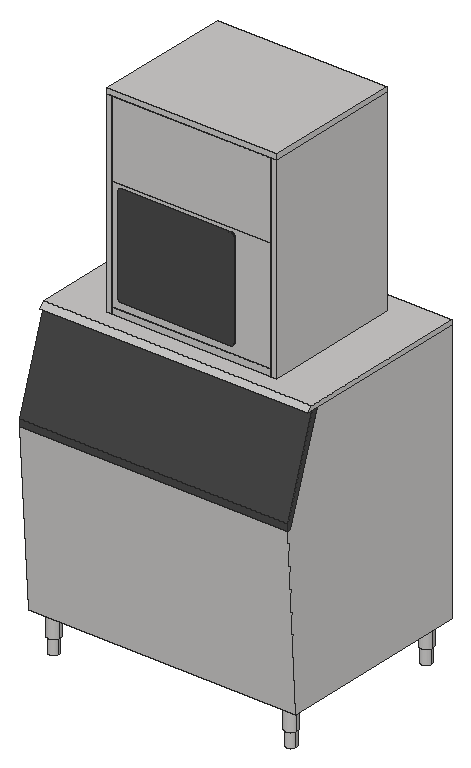
Revit family "QF_ZANUSSI_730293_IGF655M340SNP", category Attrezzature speciali, Revit 2018
Family settings
  Quota connettore circolare = Usa diametro
  Tipo di parte = Normale
  Basato su piano di lavoro = No
  Sempre verticale = Sì
  Taglio con vuoti quando caricato = No
  Condiviso = No
  Punto di calcolo locali = No
Parameters (values of type "Standard")
  Weight = 52.00 kg
  Watts = 0 W
  Volts = 200 V
  URL Manufacturer = "http://www.zanussiprofessional.com"
  URL = "http://www.zanussiprofessional.com"
  Steam Supply Size = 0 mm
  Steam Supply Minimum Pressure = 0.0 Pa
  Steam Supply Maximum Pressure = 0.0 Pa
  Steam Pounds per Hour = 0
  Show Logo [instance] = yes
  Show Clearance [instance] = yes
  Refrigeration Suction Line Size = 0 mm
  Refrigeration Liquid Line Size = 0 mm
  Refrigerant Compressor Remote = yes
  Produttore = "Zanussi"
  Phase = 1
  Modello = "IGF655M340SNP"
  Length Actual = 762 mm  # constant formula
  Item Number = "730293"
  Hot Water Size = 0 mm
  Height Actual = 1972 mm  # constant formula
  HP = "0 HP"
  Gas Size = 0 mm
  Gas KW = 0
  Gas Input Pressure = 0 W
  Descrizione = "AIR COOLED GRANULAR ICE 655KG/24H-BIN 340KG MODULAR"
  Depth Actual = 819 mm  # constant formula
  Cycle = 50 Hz
  Condensate Return Size = 0 mm
  Compressed Air Volume = 0.0 L/s
  Compressed Air Size = 0 mm
  Compressed Air Pressure = 0.0 Pa
  Cold Water Size = 19.05 mm
  Accessory = yes
Reference planes
  plane 1 "Center X": y = 272.851
  plane 2: z = 0
  plane 3 "Center Y": x = -501.5
  plane 4: x = -264
  plane 5: z = 1252
  plane 6 "LEFT": x = -1035
  plane 7 "RIGHT": x = 32
  plane 8 "FRONT": y = -136.649
  plane 9 "BACK": y = 682.351
  plane 10: z = 153
  plane 11: z = 825
  plane 12: y = -93.649
  plane 13: z = 1224
  plane 14: y = -35.649
  plane 15: z = 1204
  plane 16: z = 2026
Forms (mm)
  Extrusion 1, solid, material "QF_Finishes_Stainless Steel"
    sketch origin (76.25, 50.5, 1224) x (1, 0, 0) y (0, 1, 0)
      loop
        line (-911.5, 547.851) -> (-911.5, -2.149) -> (-891.5, -2.149) -> (-891.5, 547.851) -> (-911.5, 547.851)
      loop
        line (-256.5, 547.851) -> (-256.5, -2.149) -> (-236.5, -2.149) -> (-236.5, 547.851) -> (-256.5, 547.851)
    from 0 to 782
  Extrusion 2, solid, material "QF_Finishes_Stainless Steel"
    sketch origin (76.25, 50.5, 1224) x (1, 0, 0) y (0, 1, 0)
      loop
        line (-891.5, 547.851) -> (-891.5, -2.149) -> (-256.5, -2.149) -> (-256.5, 547.851) -> (-891.5, 547.851)
    from 0 to 28
  Extrusion 3, solid, material "QF_Finishes_Black"
    sketch origin (-184, 48.351, 1224) x (-1, 0, 0) y (0, 0, -1)
      loop
        arc (592.5, -461.487) -> (603.107, -457.093) -> (607.5, -446.487) r 15
        line (607.5, -446.487) -> (607.5, -70.535)
        arc (607.5, -70.535) -> (603.107, -59.928) -> (592.5, -55.535) r 15
        line (592.5, -55.535) -> (156.771, -55.535)
        arc (156.771, -55.535) -> (146.165, -59.928) -> (141.771, -70.535) r 15
        line (141.771, -70.535) -> (141.771, -446.487)
        arc (141.771, -446.487) -> (146.165, -457.093) -> (156.771, -461.487) r 15
        line (156.771, -461.487) -> (592.5, -461.487)
    from 0 to 2
  Extrusion 4, solid, material "QF_Finishes_Stainless Steel"
    sketch origin (-425.25, 50.5, 1224) x (0, 1, 0) y (0, 0, 1)
      loop
        line (547.851, 28) -> (547.851, 782) -> (17.851, 782) -> (17.851, 477.028) -> (-2.149, 477.028) -> (-2.149, 28) -> (547.851, 28)
    from -390 to 245
  Extrusion 5, solid, material "QF_Finishes_Stainless Steel"
    sketch origin (-434.869, 598.351, 538.153) x (0, 0, -1) y (-1, 0, 0)
      loop
        circle (-808.847, -221.619) r 10
    from 0 to 10
  Extrusion 6, solid, material "QF_Finishes_Stainless Steel"
    sketch origin (-481.869, 598.351, 483.153) x (0, 0, -1) y (-1, 0, 0)
      loop
        circle (-808.847, -221.619) r 10
    from 0 to 10
  Extrusion 7, solid, material "QF_Finishes_Stainless Steel"
    sketch origin (-481.869, 598.351, 509.153) x (0, 0, -1) y (-1, 0, 0)
      loop
        circle (-808.847, -221.619) r 10
    from 0 to 10
  Extrusion 8, solid, material "QF_Finishes_Stainless Steel"
    sketch origin (-501.5, 0, 0) x (0, 1, 0) y (0, 0, 1)
      loop
        line (-93.649, 153) -> (682.351, 153) -> (682.351, 1204) -> (8.276, 1204) -> (-122.224, 825) -> (-136.649, 825) -> (-93.649, 153)
    from -533.5 to 533.5
  Extrusion 9, solid, material "QF_Finishes_Black"
    sketch origin (-501.5, 0, 0) x (0, 1, 0) y (0, 0, 1)
      loop
        line (-122.224, 825) -> (8.276, 1204) -> (-16.479, 1204) -> (-136.649, 855) -> (-136.649, 825) -> (-122.224, 825)
    from -533.5 to 533.5
  Extrusion 10, solid, material "QF_Finishes_Stainless Steel"
    sketch origin (-501.5, 0, 0) x (0, 1, 0) y (0, 0, 1)
      loop
        line (682.351, 1204) -> (682.351, 1224) -> (-17.149, 1224) -> (-35.649, 1204) -> (682.351, 1204)
    from -533.5 to 533.5
  Extrusion 11, solid, material "QF_Finishes_Stainless Steel"
    sketch origin (-259.902, 52.938, 153) x (1, 0, 0) y (0, -1, 0)
      loop
        circle (-241.598, -499.413) r 10
    from 0 to 10
  Extrusion 12, solid, material "QF_Finishes_Stainless Steel"
    sketch origin (76.25, 50.5, 1856) x (1, 0, 0) y (0, 1, 0)
      loop
        line (-911.5, 547.851) -> (-911.5, -2.149) -> (-236.5, -2.149) -> (-236.5, 547.851) -> (-911.5, 547.851)
    from 150 to 170
  Extrusion 13, solid, material "QF_Finishes_Stainless Steel"
    sketch origin (76.25, 50.5, 1898) x (1, 0, 0) y (0, 1, 0)
      loop
        line (-891.5, 17.851) -> (-891.5, -2.149) -> (-256.5, -2.149) -> (-256.5, 17.851) -> (-891.5, 17.851)
    from -196.972 to 108.027
Lines and regions (mm)
  Split face 1
    outline origin (-187.75, 48.351, 1898) x (-1, 0, 0) y (0, 0, -1)
      loop
        line (103.666, -89.673) -> (103.666, -44.673) -> (28.666, -44.673) -> (28.666, -89.673) -> (103.666, -89.673)
  Split face 2
    outline origin (-187.75, 48.351, 1898) x (-1, 0, 0) y (0, 0, -1)
      loop
        line (59.301, -84.13) -> (59.301, -49.93) -> (33.676, -49.93) -> (33.676, -84.13) -> (59.301, -84.13)
  symbolic lines
    curve 1: line (-835.25, 598.351, 0) -> (-160.25, 598.351, 0)
    curve 2: line (-835.25, 48.351, 0) -> (-835.25, 598.351, 0)
    curve 3: line (-160.25, 48.351, 0) -> (-835.25, 48.351, 0)
    curve 4: line (-160.25, 598.351, 0) -> (-160.25, 48.351, 0)
    curve 5: line (-1035, 682.351, 0) -> (32, 682.351, 0)
    curve 6: line (-1035, -136.649, 0) -> (-1035, 682.351, 0)
    curve 7: line (32, -136.649, 0) -> (-1035, -136.649, 0)
    curve 8: line (32, 682.351, 0) -> (32, -136.649, 0)
    curve 9: line (-1035, -35.649, 0) -> (32, -35.649, 0)
    curve 10: line (-1035, -17.149, 0) -> (32, -17.149, 0)
Dimensions and locks
  Extrusion 2 to plane 2 = 1224 mm
  equal spacing: plane 6 "LEFT", plane 3 "Center Y", plane 7 "RIGHT"
  plane 6 "LEFT" to plane 7 "RIGHT" = 1067 mm
  equal spacing: plane 9 "BACK", plane 1 "Center X", plane 8 "FRONT"
  plane 9 "BACK" to plane 8 "FRONT" = 819 mm
  locked: plane 10 to plane 2 at 153
  plane 11 to plane 10 = 672 mm
  plane 9 "BACK" to plane 12 = 776 mm
  plane 9 "BACK" to plane 14 = 718 mm  (x2)
  plane 16 to plane 13 = 802 mm
  plane 3 "Center Y" to Extrusion 12 = 333.75 mm
  aligned and locked: level to plane 2
  aligned and locked: Extrusion 2 sketch curve to Extrusion 1  (x3)
  aligned and locked: plane 5 to Extrusion 2
  aligned and locked: plane 5 to Extrusion 4 sketch curve
  aligned and locked: plane 7 "RIGHT" to Extrusion 8
  aligned and locked: Extrusion 8 to plane 6 "LEFT"
  aligned and locked: plane 7 "RIGHT" to Extrusion 9
  aligned and locked: Extrusion 9 to plane 6 "LEFT"
  aligned and locked: plane 7 "RIGHT" to Extrusion 10
  aligned and locked: Extrusion 10 to plane 6 "LEFT"
  aligned and locked: Extrusion 1 to Extrusion 12
  aligned and locked: Extrusion 4 to Extrusion 13
Automatic sketch dimensions
  plane 6 "LEFT" to Extrusion 1 sketch curve = 199.75 mm
  Extrusion 1 sketch curve to Extrusion 1 sketch curve = 20 mm  (x2)
  plane 4 to Extrusion 1 sketch curve = 83.75 mm
  Extrusion 1 sketch curve to plane 14 = 84 mm  (x2)
  Extrusion 1 sketch curve to plane 9 "BACK" = 84 mm  (x2)
  plane 4 to Extrusion 2 sketch curve = 83.75 mm
  plane 5 to Extrusion 3 sketch curve = 42.535 mm
  plane 3 "Center Y" to Extrusion 3 sketch curve = 175.729 mm
  plane 5 to Extrusion 3 sketch curve = 27.535 mm
  Extrusion 3 sketch curve to Extrusion 3 sketch curve = 15 mm  (x2)
  plane 6 "LEFT" to Extrusion 3 sketch curve = 258.5 mm  (x2)
  Extrusion 4 sketch curve to plane 14 = 84 mm
  Extrusion 4 sketch curve to Extrusion 4 sketch curve = 20 mm
  Extrusion 4 sketch curve to plane 9 "BACK" = 84 mm
  plane 5 to Extrusion 5 sketch curve = 95 mm
  plane 4 to Extrusion 5 sketch curve = 50.75 mm
  plane 5 to Extrusion 6 sketch curve = 40 mm
  plane 4 to Extrusion 6 sketch curve = 3.75 mm
  plane 5 to Extrusion 7 sketch curve = 66 mm
  plane 4 to Extrusion 7 sketch curve = 3.75 mm
  Extrusion 8 sketch curve to plane 8 "FRONT" = 0 mm
  Extrusion 8 sketch curve to plane 11 = 0 mm
  Extrusion 8 sketch curve to plane 10 = 0 mm
  Extrusion 8 sketch curve to plane 12 = 0 mm
  Extrusion 8 sketch curve to plane 15 = 0 mm
  Extrusion 8 sketch curve to plane 9 "BACK" = 0 mm
  Extrusion 8 sketch curve to Extrusion 8 sketch curve = 14.425 mm
  Extrusion 8 sketch curve to plane 14 = 43.925 mm
  Extrusion 9 sketch curve to plane 8 "FRONT" = 0 mm
  Extrusion 9 sketch curve to plane 11 = 0 mm
  Extrusion 9 sketch curve to plane 15 = 0 mm
  Extrusion 9 sketch curve to Extrusion 9 sketch curve = 14.425 mm
  Extrusion 9 sketch curve to plane 14 = 19.17 mm
  Extrusion 9 sketch curve to Extrusion 9 sketch curve = 24.755 mm
  Extrusion 9 sketch curve to Extrusion 9 sketch curve = 30 mm
  Extrusion 10 sketch curve to plane 14 = 0 mm
  Extrusion 10 sketch curve to plane 13 = 0 mm
  Extrusion 10 sketch curve to plane 9 "BACK" = 0 mm
  Extrusion 10 sketch curve to plane 15 = 0 mm
  Extrusion 10 sketch curve to plane 14 = 18.5 mm
  Extrusion 11 sketch curve to Extrusion 8 = 130 mm
  Extrusion 11 sketch curve to Extrusion 8 = 533.5 mm
  plane 6 "LEFT" to Extrusion 12 sketch curve = 199.75 mm
  plane 4 to Extrusion 12 sketch curve = 103.75 mm
  Extrusion 12 sketch curve to plane 14 = 84 mm
  Extrusion 12 sketch curve to plane 9 "BACK" = 84 mm
  plane 6 "LEFT" to Extrusion 13 sketch curve = 219.75 mm
  plane 4 to Extrusion 13 sketch curve = 83.75 mm
  Extrusion 13 sketch curve to plane 14 = 84 mm
  Extrusion 13 sketch curve to Extrusion 13 sketch curve = 20 mm
  Extrusion 4 sketch curve to plane 16 = 20 mm
  Extrusion 3 sketch curve to Extrusion 3 sketch curve = 375.952 mm
  plane 5 to Extrusion 4 sketch curve = 449.028 mm
  Split face 2 sketch curve to Extrusion 13 = 41.176 mm
  Split face 2 sketch curve to Split face 2 sketch curve = 25.625 mm
  Split face 2 sketch curve to Extrusion 13 = 23.896 mm
  Split face 2 sketch curve to Split face 2 sketch curve = 34.2 mm
  Split face 1 sketch curve to Extrusion 13 = 36.166 mm
  Split face 1 sketch curve to Split face 1 sketch curve = 75 mm
  Split face 1 sketch curve to Extrusion 13 = 18.354 mm
  Split face 1 sketch curve to Split face 1 sketch curve = 45 mm
  curve 6 to plane 6 "LEFT" = 0 mm
  curve 8 to plane 7 "RIGHT" = 0 mm
  curve 7 to plane 8 "FRONT" = 0 mm
  plane 14 to curve 9 = 0 mm
  curve 5 to plane 9 "BACK" = 0 mm
  curve 2 to plane 14 = 84 mm
  plane 6 "LEFT" to curve 2 = 199.75 mm
  plane 4 to curve 4 = 103.75 mm
  curve 1 to plane 9 "BACK" = 84 mm
  curve 10 to plane 14 = 18.5 mm
  radius of Extrusion 5 sketch curve = 10 mm
  radius of Extrusion 6 sketch curve = 10 mm
  radius of Extrusion 7 sketch curve = 10 mm
  radius of Extrusion 11 sketch curve = 10 mm
Nested families
  nested 1: "Foot_Complete" at (-975, -43.649, 0), type "Foot_Complete"
  nested 2: "Foot_Complete" at (-28, -43.649, 0) x (-1, 0, 0) z (0, 0, 1), type "Foot_Complete"
  nested 3: "Foot_Complete" at (-898.75, 632.351, 0), type "Foot_Complete"
  nested 4: "Foot_Complete" at (-28, 632.351, 0) x (-1, 0, 0) z (0, 0, 1), type "Foot_Complete"
Connectors
  electrical at (-260.25, 608.351, 1292), driven by "Volts"
    settings: on Extrusion 6, index 1, voltage 200 V, apparent load 0 VA, apparent load phase1 0 VA, apparent load phase2 0 VA, apparent load phase3 0 VA, power factor 1, load classification "Altro", number of poles 1, system type 30, power factor state 1, is connector primary yes, connector utility no, sub classification motor no, connector description "Electrical Connection"
  piping at (-213.25, 608.351, 1347), diameter 20
    settings: on Extrusion 5, index 2, connector inside diameter 609.6 mm, connector length 0 mm, flow factor 0, pipe flow 0.0 L/s, pressure drop 0.0 Pa, fitting loss kfactor 0, connector angle 0.00°, fixture units 0, engagement length 0 mm, angle of deflection 0.00°, flow configuration 0, flow direction 0, fitting loss method 0, system type 20, joint type 0, gender type 0, connector reference index -1, connector utility 0, adjustable connector no, is connector primary yes, connector description "Cold water"
  piping at (-260.25, 608.351, 1318), diameter 20
    settings: on Extrusion 7, index 3, connector inside diameter 609.6 mm, connector length 0 mm, flow factor 0, pipe flow 0.0 L/s, pressure drop 0.0 Pa, fitting loss kfactor 0, connector angle 0.00°, fixture units 0, engagement length 0 mm, angle of deflection 0.00°, flow configuration 0, flow direction 0, fitting loss method 0, system type 16, joint type 0, gender type 0, connector reference index -1, connector utility 0, adjustable connector no, is connector primary no, connector description "Drain"
  piping at (-501.5, 552.351, 143), diameter 20
    settings: on Extrusion 11, index 4, connector inside diameter 609.6 mm, connector length 0 mm, flow factor 0, pipe flow 0.0 L/s, pressure drop 0.0 Pa, fitting loss kfactor 0, connector angle 0.00°, fixture units 0, engagement length 0 mm, angle of deflection 0.00°, flow configuration 0, flow direction 0, fitting loss method 0, system type 16, joint type 0, gender type 0, connector reference index -1, connector utility 0, adjustable connector no, is connector primary no, connector description "Drain"
Definition of nested family "Foot_Complete"
  Parameters (values of type "Foot_Complete")
    R = 25 mm
    H = 153 mm
  Reference planes
    plane 1 "Centro (Fronte/Retro)": y = 0
    plane 2: z = 0
    plane 3 "Centro (Sinistra/Destra)": x = 0
    plane 4: z = 153
  Forms (mm)
    Revolve 1, solid
      sketch origin (255.05, 0, 608.09) x (0, 0, 1) y (-1, 0, 0)
        loop
          line (-608.09, 255.05) -> (-608.09, 235.05) -> (-548.09, 235.05) -> (-548.09, 230.05) -> (-455.09, 230.05) -> (-455.09, 255.05) -> (-608.09, 255.05)
        axis (-608.09, 255.05) -> (-455.09, 255.05)
      angle from 0 to 360
  Dimensions and locks
    level to Revolve 1 sketch curve = 60 mm
    "R": Revolve 1 sketch curve to plane 3 "Centro (Sinistra/Destra)"
    "H": plane 4 to level
    aligned and locked: level to plane 2
    aligned and locked: plane 4 to Revolve 1 sketch curve
    aligned and locked: Revolve 1 sketch curve to level
    aligned and locked: plane 3 "Centro (Sinistra/Destra)" to Revolve 1 sketch curve
  Automatic sketch dimensions
    Revolve 1 sketch curve to plane 3 "Centro (Sinistra/Destra)" = 0 mm
    plane 3 "Centro (Sinistra/Destra)" to Revolve 1 sketch curve = 20 mm
    Revolve 1 sketch curve to Revolve 1 sketch curve = 50 mm
    Revolve 1 sketch curve to Revolve 1 sketch curve = 20 mm
